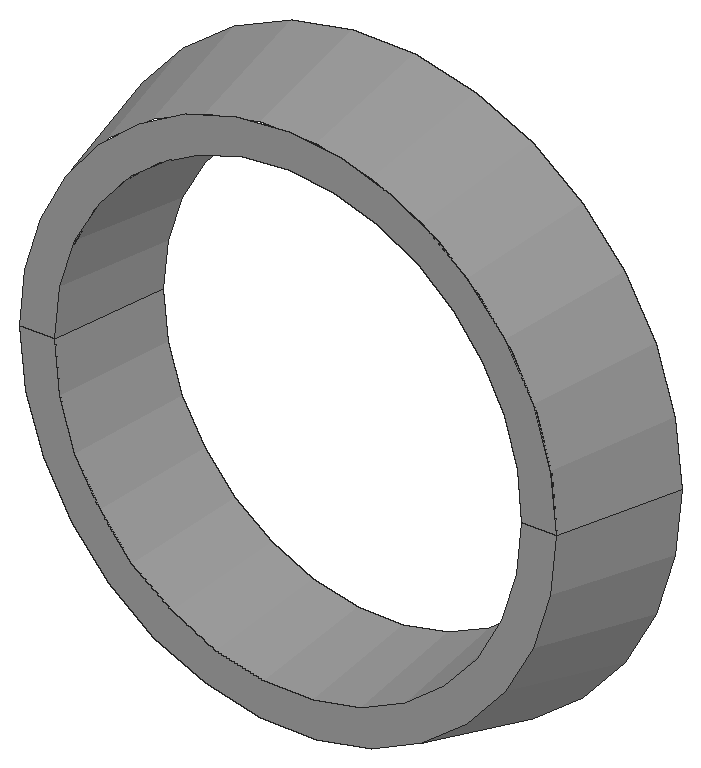
Revit family "VK469", category Sprinklers, Revit 2012
Parameters
  URL = "http://www.vikinggroupinc.com/databook/sprinklers/standard/qr/stcov/120508.pdf"
  Model = "VK469"
  Manufacturer = "Viking"
  K-Factor = 11.2
Reference planes (in)
  plane 1 "Center (Front/Back)": y = 0
  plane 2: z = 0
  plane 3 "Center (Left/Right)": x = 0
  plane 4 "Threads": y = -1.02939
Forms (in)
  Revolve 1, solid, material "Default"
    sketch origin (0, 0, 0) x (1, 0, 0) y (0, 1, 0)
      loop
        line (0.50617, -1.19719) -> (0.36968, -1.20355) -> (0.39716, -1.39908) -> (0.45584, -1.39908) -> (0.50617, -1.19719)
      axis (0, -1.19719) -> (0, -1.39908)
    angle from 0 to 360
Dimensions and locks (in)
  aligned and locked: plane 2 to level
Connectors (in)
  piping at (0, -1.02939, 0)
    settings: index 1, connector radius 1", flow factor 0, pipe flow 0 GPM, pressure drop 0.00 psi, fitting loss kfactor 0, connector angle 0.00°, fixture units 0, engagement length 0' - 0", flow configuration 0, flow direction 0, fitting loss method 0, system type 7, joint type 0, gender type 0, connector reference index -1, connector utility 0, adjustable connector no, is connector primary yes, fitting loss table "", connector description ""
